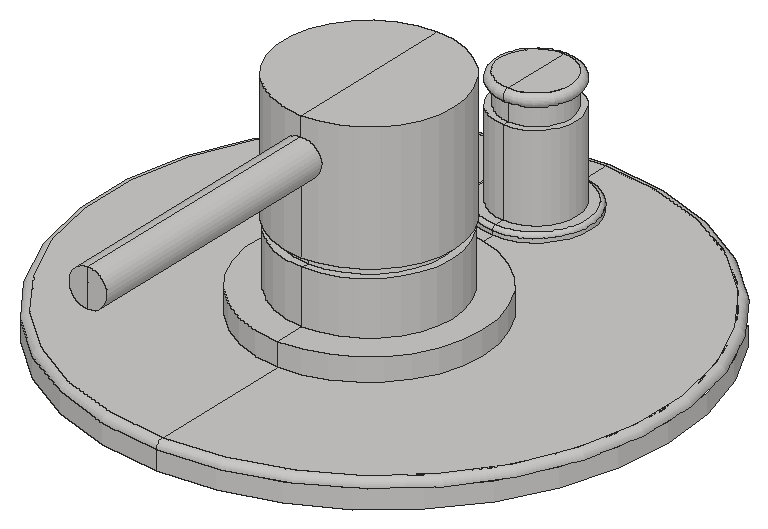
Revit family "Mixer-Bath Shower-Caroma Titan with Diverter1", category Plumbing Fixtures, host Face, Revit 2013
Parameters (values of type "Standard")
  Waste Connection = no
  Vent Connection = no
  URL = "http://www.caroma.com.au"
  Type Comments = "35mm Cartridge"  # constant formula
  ModifiedIssue_ANZRS = 2013.2  # constant formula
  Model = "99002SS"  # constant formula
  Material_ANZRS = Metal-Stainless Steel-Caroma
  Manufacturer = "GWA Bathrooms & Kitchens"  # constant formula
  HWFU = 2
  HW Connection = yes
  Description = "Caroma Titan Bath Shower Mixer with Diverter"  # constant formula
  Default Elevation = 900 mm
  CreatedBy_ANZRS = "Design Content"  # constant formula
  CreatedByURL_ANZRS = "www.designcontent.com.au"
  Cost = 312.73
  Connector Radius = 10 mm
  CWFU = 2
  CW Connection = yes
  Assembly Code = "C1030210"
Reference planes
  plane 1 "Center (Front/Back)": y = 0
  plane 2: z = 0
  plane 3 "Center (Left/Right)": x = 0
  plane 4 "Left": x = -50
  plane 5 "Right": x = 50
  plane 6 "Bottom": y = -69.98
  plane 7 "Top": y = 80.02
Forms (mm)
  Revolve 1, solid, material "Metal-Stainless Steel-Caroma" <- "Material_ANZRS"
    sketch origin (0, 0, 0) x (0, 1, 0) y (0, 0, 1)
      loop
        line (0, 7) -> (30.02, 7) -> (30.02, 13) -> (22.019, 13) -> (22.019, 27) -> (20.002, 27)
        arc (20.002, 27) -> (18.664, 32.264) -> (16.006, 37) r 20.769
        line (16.006, 37) -> (0, 37) -> (0, 7)
      axis (0, 37) -> (0, 7)
    angle from 0 to 360
  Revolve 2, solid, material "Metal-Stainless Steel-Caroma" <- "Material_ANZRS"
    sketch origin (0, 64.228, 20.869) x (0, 1, 0) y (0, 0, 1)
      loop
        line (-64.228, 42.131) -> (-86.689, 42.131) -> (-86.689, 8.631) -> (-64.228, 8.631) -> (-64.228, 42.131)
      axis (-64.228, 42.131) -> (-64.228, 8.631)
    angle from 0 to 360
  Revolve 3, solid, material "Metal-Stainless Steel-Caroma" <- "Material_ANZRS"
    sketch origin (0, 46.565, 60.54) x (0, 1, 0) y (0, 0, 1)
      loop
        line (-139.045, -2.569) -> (-139.045, -7.545) -> (-65.325, -7.545) -> (-65.325, -2.569) -> (-139.045, -2.569)
      axis (-139.045, -7.545) -> (-65.325, -7.545)
    angle from 0 to 360
  Revolve 4, solid, material "Metal-Stainless Steel-Caroma" <- "Material_ANZRS"
    sketch origin (0, 82.219, 36.606) x (0, 1, 0) y (0, 0, 1)
      loop
        line (-12.949, -29.606) -> (-12.949, -28.606)
        arc (-12.949, -28.606) -> (-13.242, -27.899) -> (-13.949, -27.606) r 1
        line (-13.949, -27.606) -> (-16.477, -27.606) -> (-16.477, -5.106) -> (-18.203, -5.106) -> (-18.203, -0.106)
        arc (-18.203, -0.106) -> (-16.47, 1.271) -> (-17.975, 2.894) r 1.509
        line (-17.975, 2.894) -> (-27.229, 2.894) -> (-27.229, -29.606) -> (-12.949, -29.606)
      axis (-27.229, -29.606) -> (-27.229, 2.894)
    angle from 0 to 360
  Revolve 5, solid, material "Metal-Stainless Steel-Caroma" <- "Material_ANZRS"
    sketch origin (0, 0, 0) x (0, 1, 0) y (0, 0, 1)
      loop
        line (5.02, 0) -> (80.02, 0) -> (80.02, 5)
        arc (80.02, 5) -> (79.434, 6.414) -> (78.02, 7) r 2
        line (78.02, 7) -> (5.02, 7) -> (5.02, 0)
      axis (5.02, 7) -> (5.02, 0)
    angle from 0 to 360
  Extrusion 6, solid, material "Metal-Stainless Steel-Caroma" <- "Material_ANZRS"
    sketch origin (21.651, 0, 0) x (1, 0, 0) y (0, 1, 0)
      loop
        circle (-10.825, -6.25) r 10
    from -20 to 0
  Extrusion 7, solid, material "Metal-Stainless Steel-Caroma" <- "Material_ANZRS"
    sketch origin (-21.651, 0, 0) x (-1, 0, 0) y (0, -1, 0)
      loop
        circle (-10.825, 6.25) r 10
    from -20 to 0
  Extrusion 8, solid, material "Metal-Stainless Steel-Caroma" <- "Material_ANZRS"
    sketch origin (-2.905, 33.204, 0) x (1, 0, 0) y (0, 1, 0)
      loop
        circle (2.905, -20.704) r 10
    from -20 to 0
  Extrusion 9, solid, material "Metal-Stainless Steel-Caroma" <- "Material_ANZRS"
    sketch origin (-2.905, 75.694, 0) x (1, 0, 0) y (0, 1, 0)
      loop
        circle (2.905, -20.704) r 10
    from -20 to 0
Cuts and joins
  joined: Revolve 1, Revolve 2, Revolve 3
Lines and regions (mm)
  Masking region 1
    outline origin (0, 0, 0) x (0, 1, 0) y (0, 0, 1)
      loop
        line (-69.98, 0) -> (80.02, 0) -> (80.02, 5)
        arc (80.02, 5) -> (79.434, 6.414) -> (78.02, 7) r 2
        line (78.02, 7) -> (69.27, 7) -> (69.27, 8)
        arc (69.27, 8) -> (68.977, 8.707) -> (68.27, 9) r 1
        line (68.27, 9) -> (65.742, 9) -> (65.742, 31.5) -> (64.016, 31.5) -> (64.016, 36.5)
        arc (64.016, 36.5) -> (65.745, 37.879) -> (64.241, 39.5) r 1.508
        line (64.241, 39.5) -> (45.739, 39.5)
        arc (45.739, 39.5) -> (44.235, 37.879) -> (45.964, 36.5) r 1.508
        line (45.964, 36.5) -> (45.964, 31.5) -> (44.238, 31.5) -> (44.238, 9) -> (41.71, 9)
        arc (41.71, 9) -> (41.003, 8.707) -> (40.71, 8) r 1
        line (40.71, 8) -> (40.71, 7) -> (30.02, 7) -> (30.02, 13) -> (22.019, 13) -> (22.019, 27) -> (20.002, 27) -> (19.55, 29.5) -> (22.461, 29.5) -> (22.461, 63) -> (-22.461, 63) -> (-22.461, 57.971) -> (-92.48, 57.971) -> (-92.48, 48.02) -> (-22.461, 48.02) -> (-22.461, 29.5) -> (-19.55, 29.5) -> (-20.002, 27) -> (-22.019, 27) -> (-22.019, 13) -> (-30.02, 13) -> (-30.02, 7) -> (-67.98, 7)
        arc (-67.98, 7) -> (-69.394, 6.414) -> (-69.98, 5) r 2
        line (-69.98, 5) -> (-69.98, 0)
  Masking region 2
    outline origin (0, 0, 0) x (1, 0, 0) y (0, 1, 0)
      loop
        arc (4.976, -69.815) -> (0, 80.02) -> (-4.976, -69.815) r 75
        line (-4.976, -69.815) -> (-4.976, -92.48) -> (4.976, -92.48) -> (4.976, -69.815)
  Masking region 3
    outline origin (0, 0, 0) x (1, 0, 0) y (0, 0, 1)
      loop
        line (75, 0) -> (75, 5)
        arc (75, 5) -> (74.414, 6.414) -> (73, 7) r 2
        line (73, 7) -> (30.02, 7) -> (30.02, 13) -> (22.019, 13) -> (22.019, 27) -> (20.002, 27) -> (19.55, 29.5) -> (22.461, 29.5) -> (22.461, 63) -> (0, 63) -> (-22.461, 63) -> (-22.461, 29.5) -> (-19.55, 29.5) -> (-20.002, 27) -> (-22.019, 27) -> (-22.019, 13) -> (-30.02, 13) -> (-30.02, 7) -> (-73, 7)
        arc (-73, 7) -> (-74.414, 6.414) -> (-75, 5) r 2
        line (-75, 5) -> (-75, 0) -> (75, 0)
  symbolic lines
    curve 1: line (0, -22.461, 48.02) -> (0, -22.461, 57.971)
    curve 2: line (0, -22.461, 29.5) -> (0, 22.461, 29.5)
    curve 3: line (0, 22.019, 27) -> (0, -22.019, 27)
    curve 4: line (0, 30.02, 13) -> (0, -30.02, 13)
    curve 5: line (0, 30.02, 7) -> (0, -30.02, 7)
    curve 6: line (0, 69.27, 7) -> (0, 40.71, 7)
    curve 7: line (0, 68.27, 9) -> (0, 41.71, 9)
    curve 8: line (0, 65.742, 31.5) -> (0, 44.238, 31.5)
    curve 9: line (0, 45.964, 36.5) -> (0, 64.016, 36.5)
    curve 10: arc (0, 65.742, 0) -> (-10.752, 54.99, 0) -> (0, 44.238, 0) r 10.752
    curve 11: arc (0, 44.238, 0) -> (10.752, 54.99, 0) -> (0, 65.742, 0) r 10.752
    curve 12: arc (4.976, -29.605, 0) -> (29.916, 2.496, 0) -> (0, 30.02, 0) r 30.02
    curve 13: arc (0, 30.02, 0) -> (-29.916, 2.496, 0) -> (-4.976, -29.605, 0) r 30.02
    curve 14: arc (0, -22.461, 0) -> (-22.461, 0, 0) -> (0, 22.461, 0) r 22.461
    curve 15: arc (0, 22.461, 0) -> (22.461, 0, 0) -> (0, -22.461, 0) r 22.461
    curve 16: line (-4.976, -92.48, 0) -> (-4.976, -21.903, 0)
    curve 17: line (4.976, -92.48, 0) -> (4.976, -21.903, 0)
    curve 18: circle (0, 54.99, 0) r 14.28 normal (0, 0, 1)
    curve 19: line (10.752, 0, 31.5) -> (0, 0, 31.5)
    curve 20: line (0, 0, 31.5) -> (-10.752, 0, 31.5)
    curve 21: line (13.28, 0, 9) -> (0, 0, 9)
    curve 22: line (0, 0, 9) -> (-13.28, 0, 9)
    curve 23: line (10.752, 0, 9) -> (10.752, 0, 31.5)
    curve 24: line (-10.752, 0, 9) -> (-10.752, 0, 31.5)
    curve 25: line (-9.026, 0, 36.5) -> (-9.026, 0, 31.5)
    curve 26: line (9.026, 0, 36.5) -> (9.026, 0, 31.5)
    curve 27: line (9.026, 0, 36.5) -> (-9.026, 0, 36.5)
    curve 28: line (30.02, 0, 13) -> (10.752, 0, 13)
    curve 29: line (-10.752, 0, 13) -> (-30.02, 0, 13)
    curve 30: line (-10.752, 0, 27) -> (-22.019, 0, 27)
    curve 31: line (22.019, 0, 27) -> (10.752, 0, 27)
    curve 32: line (10.752, 0, 29.5) -> (22.461, 0, 29.5)
    curve 33: line (-22.461, 0, 29.5) -> (-10.752, 0, 29.5)
    curve 34: line (-9.266, 0, 39.5) -> (9.266, 0, 39.5)
    curve 35: arc (9.266, 0, 39.5) -> (10.771, 0, 37.87) -> (9.026, 0, 36.5) r 1.51
    curve 36: arc (-9.266, 0, 39.5) -> (-10.771, 0, 37.87) -> (-9.026, 0, 36.5) r 1.51
    curve 37: line (14.28, 0, 7) -> (14.28, 0, 8)
    curve 38: arc (14.28, 0, 8) -> (13.987, 0, 8.707) -> (13.28, 0, 9) r 1
    curve 39: line (-14.28, 0, 7) -> (-14.28, 0, 8)
    curve 40: arc (-14.28, 0, 8) -> (-13.987, 0, 8.707) -> (-13.28, 0, 9) r 1
    curve 41: line (30.02, 0, 7) -> (-30.02, 0, 7)
Dimensions and locks
  aligned and locked: plane 2 to host face
  aligned and locked: level to host face
Connectors
  piping at (10.825, -6.25, -20), driven by "Connector Radius", driven by "CWFU"
    settings: on Extrusion 6, index 6, connector radius 0.3937", flow factor 0, pipe flow 0 GPM, pressure drop 0.00 psi, fitting loss kfactor 0, connector angle 0.00°, fixture units 2, engagement length 0 mm, flow configuration 3, flow direction 1, fitting loss method 1, system type 20, joint type 0, gender type 0, connector reference index -1, connector utility 0, adjustable connector no, is connector primary yes, fitting loss table "Inward Projecting Pipe", connector description "Cold Inlet"
  piping at (-10.825, -6.25, -20), driven by "Connector Radius", driven by "HWFU"
    settings: on Extrusion 7, index 7, connector radius 0.3937", flow factor 0, pipe flow 0 GPM, pressure drop 0.00 psi, fitting loss kfactor 0, connector angle 0.00°, fixture units 2, engagement length 0 mm, flow configuration 3, flow direction 1, fitting loss method 1, system type 19, joint type 0, gender type 0, connector reference index 8, connector utility 0, adjustable connector no, is connector primary no, fitting loss table "Inward Projecting Pipe", connector description "Hot Inlet"
  piping at (0, 12.5, -20), driven by "Connector Radius", driven by "HWFU"
    settings: on Extrusion 8, index 8, connector radius 0.3937", flow factor 0, pipe flow 0 GPM, pressure drop 0.00 psi, fitting loss kfactor 0, connector angle 0.00°, fixture units 2, engagement length 0 mm, flow configuration 3, flow direction 2, fitting loss method 1, system type 19, joint type 0, gender type 0, connector reference index 7, connector utility 0, adjustable connector no, is connector primary no, fitting loss table "Outlet", connector description "Temperate Outlet Bath"
  piping at (0, 54.99, -20), driven by "Connector Radius", driven by "HWFU"
    settings: on Extrusion 9, index 9, connector radius 0.3937", flow factor 0, pipe flow 0 GPM, pressure drop 0.00 psi, fitting loss kfactor 0, connector angle 0.00°, fixture units 2, engagement length 0 mm, flow configuration 3, flow direction 2, fitting loss method 1, system type 19, joint type 0, gender type 0, connector reference index -1, connector utility 0, adjustable connector no, is connector primary no, fitting loss table "Outlet", connector description "Temperate Outlet Shower"
